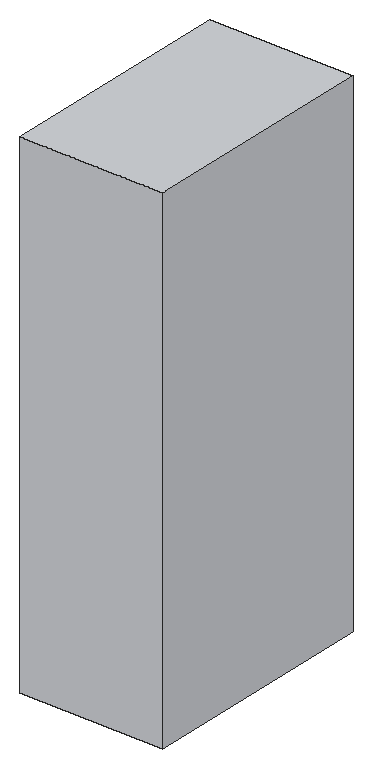
Revit family "第二期車站01_RTU機櫃_600x1000x2100", category 電氣設備, Revit 2025
Family settings
  面板規劃 = 兩欄，回路穿越
  圓形接點標註 = 使用直徑
  組件類型 = 分電盤
  OmniClass 編號 = 23.80.30.11.17
  OmniClass 標題 = Distribution Boards and Control Panels
  以工作平面為基礎 = 否
  總是垂直 = 是
  載入時使用空心切割 = 否
  維持標註方位 = 否
  共用 = 否
  房間計算點 = 否
Parameters (values of type "RTU 與網路機櫃")
  built-in parameter 1155100 [instance] = -1
  Default Elevation = 0 mm
  built-in parameter 1140142 [instance] = -1
  SCADA_高mm [instance] = "2100"
  SCADA_附錄F項次 [instance] = "19"
  SCADA_附錄D項次 [instance] = "10"
  SCADA_編號 [instance] = "P2S01-COMS-RTU-01"
  SCADA_站點 [instance] = "車站 1"
  SCADA_深mm [instance] = "1000"
  SCADA_機櫃類型 [instance] = "RTU 與網路機櫃"
  SCADA_期別 [instance] = "第二期"
  SCADA_房間 [instance] = "COMS/SCADA 設備室"
  SCADA_建物 [instance] = "車站"
  SCADA_尺寸 [instance] = "600W×1000D×2100H"
  SCADA_寬mm [instance] = "600"
  SCADA_定位來源 [instance] = "獨立設備族群（載入專案後定位）"
  SCADA_備註 [instance] = ""
  SCADA_來源文件 [instance] = "Installation SoW_V6（Rev.006, 2026-07-02）附錄 D / F；依原文顏色標示排除已刪除項目"
  SCADA_UPS電源110V [instance] = "雙 UPS 電源（2×4500VA）"
  built-in parameter 1140140 [instance] = 1 (stored number, unit not read)
Reference planes
  plane 1 "中心 (前/後)": y = 0
  plane 2: z = 0
  plane 3 "中心 (左/右)": x = 0
Forms (mm)
  Extrusion 1, solid
    sketch origin (0, 0, 0) x (1, 0, 0) y (0, 1, 0)
      loop
        line (-300, -500) -> (300, -500) -> (300, 500) -> (-300, 500) -> (-300, -500)
    from 0 to 2100
Lines and regions (mm)
  model lines, style "開門線"
    curve 1: line (300, -500, 0) -> (300, -1100, 0)
    curve 2: arc (-300, -500, 0) -> (-124.264, -924.264, 0) -> (300, -1100, 0) r 600
    curve 3: line (-300, 500, 0) -> (-300, 1100, 0)
    curve 4: arc (300, 500, 0) -> (124.264, 924.264, 0) -> (-300, 1100, 0) r 600
Dimensions and locks
  aligned and locked: level to plane 2
